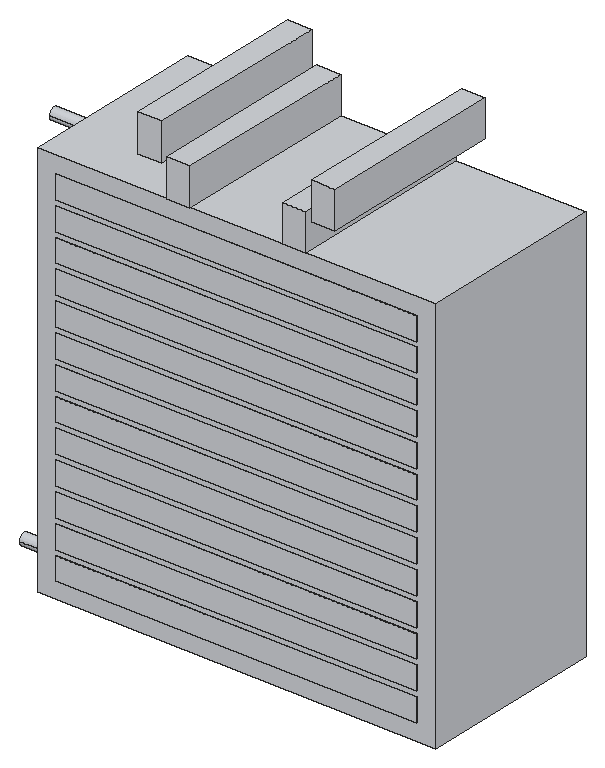
Revit family "Mark Tanner MDA verwarmer plafondmontage", category Mechanical Equipment, Revit 2015
Parameters
  zichtbaar_02 [instance] = horizontaal uitblazen  # yes
  zichtbaar_01 [instance] = not(horizontaal uitblazen)  # no
  voltage = 0 V
  vermogen = 0 W
  schijnbaar_vermogen = voltage * nominale stroom  # 0 VA
  o2 [instance] = if(hoek = 90.00°, 813 mm, 145 mm + h1 / 2)  # 575 mm
  o1 = 660 mm
  nominale stroom = 0 A
  lengte = l1  # 860 mm
  l3 = l1 + 100 mm  # 960 mm
  l2 = 450 mm
  l1 = h1  # 860 mm
  horizontaal uitblazen [instance] = yes
  hoogte = h1  # 860 mm
  hoek [instance] = if(horizontaal uitblazen, 0.00°, 90.00°)  # 0.00°
  h1 = 860 mm
  gewicht = ""
  elektrisch_vermogen = 0 W
  debiet = 0.0 L/s
  con 1_RN = con 1_DN / 2  # 12.5 mm
  con 1_DN = 25 mm
  breedte = b1  # 405 mm
  b2 = b1 - 80 mm  # 325 mm
  b1 = 405 mm
  artikelnummer = ""
  aantal_polen = 1
  URL = "http://www.mark.nl/producten/"
  Type Comments = "MDA 121, 2 rijige wisselaar, 1 fase 230V fan, ,waterzijdige aansluiting 1"
  Model = "MDA 100"
  Manufacturer = "Mark"  # constant formula
Reference planes
  plane 1 "Center (Front/Back)": y = 0
  plane 2: z = 0
  plane 3 "Center (Left/Right)": x = 0
  plane 4: x = -430
  plane 5: x = 430
  plane 6: z = -575
Lines and regions (mm)
  reference lines
    curve 1: line (0, 0, -575) -> (0, 660, -575)
Dimensions and locks
  "l1": plane 4 to plane 5
  equal spacing: plane 4, plane 3 "Center (Left/Right)", plane 5
  "o2": plane 2 to plane 6
  "o1": curve 1 to curve 1
  "hoek": angle curve 1 to plane 6
  aligned and locked: level to plane 2
  aligned and locked: plane 6 to curve 1
  aligned and locked: plane 1 "Center (Front/Back)" to curve 1
  aligned and locked: plane 1 "Center (Front/Back)" to nested 2
  aligned and locked: nested 1 to plane 1 "Center (Front/Back)"
  aligned and locked: nested 3 to curve 1
Nested families
  nested 1: "Plafond console met trillingsreduceerset" at (0, 0, 0) x (0, 1, 0) z (0, 0, 1), b1 <- "b2", l1 <- "l3", visible <- "zichtbaar_01", type "trillingsreduceerset"
    with l1 960 mm, b1 325 mm
  nested 2: "Plafond console" at (0, 202.5, 0) x (0, 1, 0) z (0, 0, 1), b1 <- "b2", l1 <- "b1", visible <- "zichtbaar_02", type "plafond console"
    with l1 405 mm, b1 325 mm
  nested 3: "Verwarmer" at (0, 202.5, -145), b1 <- "b1", h1 <- "h1", l1 <- "l1", r1 <- "con 1_RN", type "MDA 100"
    with r1 12.5 mm, l1 860 mm, h1 860 mm, b1 405 mm, b 780 mm, aantal 13, a 790 mm
Connectors
  electrical at (0, 202.5, -145), driven by "aantal_polen", driven by "voltage", driven by "schijnbaar_vermogen"
    settings: on nested 3, index 1, voltage 0 V, apparent load 0 VA, apparent load phase1 0 VA, apparent load phase2 0 VA, apparent load phase3 0 VA, power factor 1, load classification "Other", number of poles 1, system type 31, power factor state 1, is connector primary yes, connector utility no, sub classification motor no, connector description ""
  piping at (-522, 160, -181), diameter 25, driven by "con 1_DN"
    settings: on nested 3, index 2, connector inside diameter 609.6 mm, connector length 0 mm, flow factor 0, pipe flow 0.0 L/s, pressure drop 0.0 Pa, fitting loss kfactor 0, connector angle 0.00°, fixture units 0, engagement length 0 mm, angle of deflection 0.00°, flow configuration 0, flow direction 2, fitting loss method 0, system type 8, joint type 0, gender type 0, connector reference index -1, connector utility 0, adjustable connector no, is connector primary yes, connector description "retour"
  piping at (-522, 80, -969), diameter 25, driven by "con 1_DN"
    settings: on nested 3, index 3, connector inside diameter 609.6 mm, connector length 0 mm, flow factor 0, pipe flow 0.0 L/s, pressure drop 0.0 Pa, fitting loss kfactor 0, connector angle 0.00°, fixture units 0, engagement length 0 mm, angle of deflection 0.00°, flow configuration 0, flow direction 1, fitting loss method 0, system type 7, joint type 0, gender type 0, connector reference index -1, connector utility 0, adjustable connector no, is connector primary no, connector description ""
Definition of nested family "Plafond console met trillingsreduceerset"
  Parameters (values of type "trillingsreduceerset")
    l1 [instance] = 450 mm
    b1 [instance] = 300 mm
    artikelnummer = "5064051"  # constant formula
    URL = "http://www.mark.nl/producten/"
    Manufacturer = "Mark"  # constant formula
    Description = "plafond console"  # constant formula
  Reference planes
    plane 1 "Center (Front/Back)": y = 0
    plane 2: z = 0
    plane 3 "Center (Left/Right)": x = 0
    plane 4: x = -225
    plane 5: x = 225
    plane 6: y = 150
    plane 7: y = -150
    plane 8: z = -813
    plane 9: z = -813
  Forms (mm)
    Sweep 1, solid
      path origin (0, 0, 0) x (1, 0, 0) y (0, 0, 1)
        loop
          line (-225, -813) -> (-225, 0) -> (225, 0) -> (225, -813)
      profile origin (-225, 0, -406.5) x (-1, 0, 0) y (0, -1, 0)
        loop
          line (0, 150) -> (0, 200) -> (-50, 200) -> (-50, 150) -> (0, 150)
    Sweep 2, solid
      path origin (0, 0, 0) x (1, 0, 0) y (0, 0, 1)
        loop
          line (225, -813) -> (225, 0) -> (-225, 0) -> (-225, -813)
      profile origin (225, 0, -406.5) x (-1, 0, 0) y (0, -1, 0)
        loop
          line (0, -150) -> (0, -200) -> (50, -200) -> (50, -150) -> (0, -150)
  Dimensions and locks
    equal spacing: plane 4, plane 3 "Center (Left/Right)", plane 5
    "l1": plane 4 to plane 5
    equal spacing: plane 7, plane 1 "Center (Front/Back)", plane 6
    "b1": plane 6 to plane 7
    plane 2 to plane 8 = 813 mm
    plane 9 to plane 2 = 813 mm
    aligned and locked: level to plane 2
    aligned and locked: Sweep 1 sketch curve to plane 4
    aligned and locked: Sweep 1 sketch curve to plane 2
    aligned and locked: plane 5 to Sweep 1 sketch curve
    aligned and locked: plane 8 to Sweep 1 sketch curve  (x2)
    aligned and locked: Sweep 2 sketch curve to plane 5
    aligned and locked: plane 4 to Sweep 2 sketch curve
    aligned and locked: Sweep 2 sketch curve to plane 2
    aligned and locked: plane 9 to Sweep 2 sketch curve  (x2)
    aligned and locked: plane 6 to Sweep 2
    aligned and locked: plane 7 to Sweep 1
  Automatic sketch dimensions
    Sweep 1 sketch curve to profile plane = 0 mm
    profile plane to Sweep 1 sketch curve = 50 mm
    plane 1 "Center (Front/Back)" to Sweep 1 sketch curve = 150 mm
    Sweep 1 sketch curve to Sweep 1 sketch curve = 50 mm
    Sweep 2 sketch curve to profile plane = 0 mm
    Sweep 2 sketch curve to profile plane = 50 mm
    Sweep 2 sketch curve to plane 1 "Center (Front/Back)" = 200 mm
    Sweep 2 sketch curve to Sweep 2 sketch curve = 50 mm
Definition of nested family "Plafond console"
  Parameters (values of type "trillingsreduceerset")
    l1 [instance] = 450 mm
    b1 [instance] = 300 mm
    artikelnummer = "5064051"  # constant formula
    URL = "http://www.mark.nl/producten/"
    Manufacturer = "Mark"  # constant formula
    Description = "plafond console"  # constant formula
  Reference planes
    plane 1 "Center (Front/Back)": y = 0
    plane 2: z = 0
    plane 3 "Center (Left/Right)": x = 0
    plane 4: x = -225
    plane 5: x = 225
    plane 6: y = 150
    plane 7: y = -150
    plane 8: z = -813
    plane 9: z = -813
    plane 10: z = -878
    plane 11: z = -878
  Forms (mm)
    Sweep 1, solid
      path origin (0, 0, 0) x (1, 0, 0) y (0, 0, 1)
        loop
          line (-225, 0) -> (225, 0)
      profile origin (0, 0, 0) x (0, 0, 1) y (0, -1, 0)
        loop
          line (0, 150) -> (0, 200) -> (-80, 200) -> (-80, 150) -> (0, 150)
    Sweep 2, solid
      path origin (0, 0, 0) x (1, 0, 0) y (0, 0, 1)
        loop
          line (225, 0) -> (-225, 0)
      profile origin (0, 0, 0) x (0, 0, -1) y (0, -1, 0)
        loop
          line (0, -150) -> (0, -200) -> (80, -200) -> (80, -150) -> (0, -150)
    Sweep 3, solid
      path origin (0, -125, -65) x (1, 0, 0) y (0, 0, 1)
        loop
          line (225, 0) -> (-225, 0)
      profile origin (0, -125, -65) x (0, 0, -1) y (0, -1, 0)
        loop
          line (0, -225) -> (0, -275) -> (80, -275) -> (80, -225) -> (0, -225)
    Sweep 4, solid
      path origin (0, 125, -65) x (1, 0, 0) y (0, 0, 1)
        loop
          line (-225, 0) -> (225, 0)
      profile origin (0, 125, -65) x (0, 0, 1) y (0, -1, 0)
        loop
          line (0, 225) -> (0, 275) -> (-80, 275) -> (-80, 225) -> (0, 225)
  Dimensions and locks
    equal spacing: plane 4, plane 3 "Center (Left/Right)", plane 5
    "l1": plane 4 to plane 5
    equal spacing: plane 7, plane 1 "Center (Front/Back)", plane 6
    "b1": plane 6 to plane 7
    plane 2 to plane 8 = 813 mm
    plane 9 to plane 2 = 813 mm
    aligned and locked: level to plane 2
    aligned and locked: Sweep 1 sketch curve to plane 2
    aligned and locked: Sweep 2 sketch curve to plane 2
    aligned and locked: plane 6 to Sweep 2
    aligned and locked: Sweep 3 to Sweep 2
    aligned and locked: plane 7 to Sweep 1
    aligned and locked: Sweep 4 to Sweep 1
  Automatic sketch dimensions
    Sweep 1 sketch curve to plane 4 = 0 mm
    plane 5 to Sweep 1 sketch curve = 0 mm
    profile plane to Sweep 1 sketch curve = 0 mm
    profile plane to Sweep 1 sketch curve = 80 mm
    plane 1 "Center (Front/Back)" to Sweep 1 sketch curve = 150 mm
    Sweep 1 sketch curve to Sweep 1 sketch curve = 50 mm
    Sweep 2 sketch curve to plane 4 = 0 mm
    plane 5 to Sweep 2 sketch curve = 0 mm
    Sweep 2 sketch curve to profile plane = 0 mm
    Sweep 2 sketch curve to profile plane = 80 mm
    Sweep 2 sketch curve to plane 1 "Center (Front/Back)" = 200 mm
    Sweep 2 sketch curve to Sweep 2 sketch curve = 50 mm
    Sweep 3 sketch curve to level = 65 mm
    Sweep 3 sketch curve to plane 4 = 0 mm
    plane 5 to Sweep 3 sketch curve = 0 mm
    Sweep 3 sketch curve to profile plane = 0 mm
    Sweep 3 sketch curve to profile plane = 80 mm
    Sweep 3 sketch curve to profile plane = 275 mm
    Sweep 3 sketch curve to Sweep 3 sketch curve = 50 mm
    Sweep 4 sketch curve to level = 65 mm
    Sweep 4 sketch curve to plane 4 = 0 mm
    plane 5 to Sweep 4 sketch curve = 0 mm
    profile plane to Sweep 4 sketch curve = 0 mm
    profile plane to Sweep 4 sketch curve = 80 mm
    profile plane to Sweep 4 sketch curve = 225 mm
    Sweep 4 sketch curve to Sweep 4 sketch curve = 50 mm
Definition of nested family "Verwarmer"
  Parameters (values of type "MDA 100")
    r1 [instance] = 12.5 mm
    l1 [instance] = 860 mm
    h1 [instance] = 860 mm
    b1 [instance] = 405 mm
    b [instance] = l1 - 80 mm  # 780 mm
    aantal [instance] = a / 60 mm  # 13
    a [instance] = h1 - 70 mm  # 790 mm
    Default Elevation = 1219.2 mm
  Reference planes
    plane 1 "Center (Front/Back)": y = 0
    plane 2: z = 0
    plane 3 "Center (Left/Right)": x = 0
    plane 4: x = -430
    plane 5: x = 430
    plane 6: x = -390
    plane 7: x = 390
    plane 8: y = 202.5
    plane 9: y = -202.5
    plane 10: y = -42.5
    plane 11: y = -122.5
    plane 12: z = -860
    plane 13: z = -36
    plane 14: z = -824
    plane 15: z = -430
  Forms (mm)
    Extrusion 1, solid
      sketch origin (0, 0, 0) x (1, 0, 0) y (0, 1, 0)
        loop
          line (-430, 202.5) -> (-430, -202.5) -> (430, -202.5) -> (430, 202.5) -> (-430, 202.5)
      from 0 to -860
    Sweep 2, solid
      path origin (1317.187, -1524, -36) x (0, -1, 0) y (1, 0, 0)
        loop
          line (-1401.5, -1747.187) -> (-1401.5, -1839.187)
      profile origin (-476, -122.5, -36) x (0, -1, 0) y (0, 0, 1)
        loop
          circle (0, -788) r 12.5
    Sweep 3, solid
      path origin (0, 0, 0) x (1, 0, 0) y (0, 1, 0)
        loop
          line (-522, -30) -> (-430, -30)
      profile origin (-476, -30, 0) x (0, 1, 0) y (0, 0, 1)
        loop
          circle (-12.5, -36) r 12.5
  Dimensions and locks
    equal spacing: plane 4, plane 3 "Center (Left/Right)", plane 5
    "l1": plane 4 to plane 5
    equal spacing: plane 6, plane 3 "Center (Left/Right)", plane 7
    "b1": plane 8 to plane 9
    equal spacing: plane 8, plane 1 "Center (Front/Back)", plane 9
    locked: plane 9 to plane 11 at 80
    locked: plane 10 to plane 9 at 160
    equal spacing: plane 2, plane 15, plane 12
    "h1": plane 2 to plane 12
    locked: plane 14 to plane 12 at 36
    locked: plane 2 to plane 13 at 36
    plane 13 to plane 14 = 788 mm
    equal spacing: plane 7, plane 3 "Center (Left/Right)", plane 6
    "b": plane 6 to plane 7
    equal spacing: group 1, group 3, group 4, group 5, group 6, group 7, group 8, group 9, group 10, group 11, group 12, group 13, group 2  (x2)
    equal spacing: group 2, group 13, group 12, group 11, group 10, group 9, group 8, group 7, group 6, group 5, group 4, group 3, group 1
    "r1": radius of Sweep 2 sketch curve
    "r1": radius of Sweep 3 sketch curve
    aligned and locked: level to plane 2
    aligned and locked: Extrusion 1 sketch curve to plane 8
    aligned and locked: plane 4 to Extrusion 1 sketch curve
    aligned and locked: plane 5 to Extrusion 1 sketch curve
    aligned and locked: plane 9 to Extrusion 1 sketch curve
    aligned and locked: Extrusion 1 to plane 12
    aligned and locked: plane 4 to Sweep 2 sketch curve
    aligned and locked: Sweep 2 sketch curve to plane 11  (x2)
    aligned and locked: plane 14 to Sweep 2 sketch curve
    aligned and locked: plane 4 to Sweep 3 sketch curve
    aligned and locked: plane 13 to Sweep 3 sketch curve
    aligned and locked: plane 10 to Sweep 3 sketch curve
    aligned and locked: plane 3 "Center (Left/Right)" to nested 1
    aligned and locked: nested 1 to plane 9
    aligned and locked: nested 2 to plane 14
    aligned and locked: nested 2 to plane 9
  Automatic sketch dimensions
    Sweep 2 sketch curve to Sweep 2 sketch curve = 92 mm
    Sweep 3 sketch curve to plane 4 = 92 mm
    plane 1 "Center (Front/Back)" to Sweep 3 sketch curve = 30 mm
  Nested families
    nested 1: "Family5" at (0, -202.5, -36), a <- "b", type "Family5"
      with a 780 mm
    nested 2: "Family5" at (0, -202.5, -774), a <- "b", type "Family5"
      with a 780 mm
    nested 3: "Family5" at (0, -202.5, -97.5), a <- "b", type "Family5"
      with a 780 mm
    nested 4: "Family5" at (0, -202.5, -159), a <- "b", type "Family5"
      with a 780 mm
    nested 5: "Family5" at (0, -202.5, -220.5), a <- "b", type "Family5"
      with a 780 mm
    nested 6: "Family5" at (0, -202.5, -282), a <- "b", type "Family5"
      with a 780 mm
    nested 7: "Family5" at (0, -202.5, -343.5), a <- "b", type "Family5"
      with a 780 mm
    nested 8: "Family5" at (0, -202.5, -405), a <- "b", type "Family5"
      with a 780 mm
    nested 9: "Family5" at (0, -202.5, -466.5), a <- "b", type "Family5"
      with a 780 mm
    nested 10: "Family5" at (0, -202.5, -528), a <- "b", type "Family5"
      with a 780 mm
    nested 11: "Family5" at (0, -202.5, -589.5), a <- "b", type "Family5"
      with a 780 mm
    nested 12: "Family5" at (0, -202.5, -651), a <- "b", type "Family5"
      with a 780 mm
    nested 13: "Family5" at (0, -202.5, -712.5), a <- "b", type "Family5"
      with a 780 mm
  Definition of nested family "Family5"
    Parameters (values of type "Family5")
      a [instance] = 752.12 mm
    Reference planes
      plane 1 "Center (Front/Back)": y = 0
      plane 2: z = 0
      plane 3 "Center (Left/Right)": x = 0
    Forms (mm)
      Extrusion 1, solid
        sketch origin (0, 0, 0) x (1, 0, 0) y (0, 1, 0)
          loop
            line (-376.06, 1.5) -> (-376.06, -1.5) -> (376.06, -1.5) -> (376.06, 1.5) -> (-376.06, 1.5)
        from -50 to 0
    Dimensions and locks
      equal spacing: Extrusion 1 sketch curve, plane 3 "Center (Left/Right)", Extrusion 1 sketch curve
      "a": Extrusion 1 sketch curve to Extrusion 1 sketch curve
      aligned and locked: level to plane 2
    Automatic sketch dimensions
      plane 1 "Center (Front/Back)" to Extrusion 1 sketch curve = 1.5 mm
      Extrusion 1 sketch curve to plane 1 "Center (Front/Back)" = 1.5 mm
Types in the file's own list only (42): name | voltage | vermogen | schijnbaar_vermogen | nominale stroom | lengte | l3 | l2 | l1 | hoogte | h1 | gewicht | elektrisch_vermogen | debiet | con 1_RN | con 1_DN | breedte | b2 | b1 | artikelnummer | aantal_polen | URL | Type Comments | Model
  Tanner MDA 121L | 230 V | 14500 W | 108 VA | 0 A | 450 mm | 550 mm | 387 mm | 450 mm | 450 mm | 450 mm | "22" | 90 W | 1595.0 L/s | 13 mm | 25 mm | 380 mm | 300 mm | 380 mm | "MDA 121L" | 1 | "http://www.mark.nl/luchtverwarming/watergevoed/tanner-mda/" | "MDA 121 ( 2 rijige wisselaar 1 fase 230 V fan waterzijdige aansluiting 1  laag toerental )" | "MDA 100"
  Tanner MDA 131L | 230 V | 17000 W | 108 VA | 0 A | 450 mm | 550 mm | 387 mm | 450 mm | 450 mm | 450 mm | "23" | 90 W | 1446.0 L/s | 13 mm | 25 mm | 380 mm | 300 mm | 380 mm | "MDA 131L" | 1 | "http://www.mark.nl/luchtverwarming/watergevoed/tanner-mda/" | "MDA 131 ( 3 rijige wisselaar  1 fase 230 V fan waterzijdige aansluiting 1 laag toerental)" | "MDA 100"
  Tanner MDA 141L | 230 V | 19000 W | 108 VA | 0 A | 450 mm | 550 mm | 387 mm | 450 mm | 450 mm | 450 mm | "24" | 90 W | 1265.0 L/s | 13 mm | 25 mm | 380 mm | 300 mm | 380 mm | "MDA 141L" | 1 | "http://www.mark.nl/luchtverwarming/watergevoed/tanner-mda/" | "MDA 131 ( 4 rijige wisselaar  1 fase 230 V fan waterzijdige aansluiting 1 laag toerental)" | "MDA 100"
  Tanner MDA 211L | 230 V | 14100 W | 117 VA | 1 A | 580 mm | 680 mm | 517 mm | 580 mm | 580 mm | 580 mm | "30" | 120 W | 2805.0 L/s | 13 mm | 25 mm | 385 mm | 305 mm | 385 mm | "MDA 211L" | 1 | "http://www.mark.nl/luchtverwarming/watergevoed/tanner-mda/" | "MDA 211 ( 1 rijige wisselaar  1 fase 230 V fanwaterzijdige aansluiting 1 laag toerental)" | "MDA 200"
  Tanner MDA 221L | 230 V | 25100 W | 117 VA | 1 A | 580 mm | 680 mm | 517 mm | 580 mm | 580 mm | 580 mm | "32" | 120 W | 2656.0 L/s | 13 mm | 25 mm | 385 mm | 305 mm | 385 mm | "MDA 221L" | 1 | "http://www.mark.nl/luchtverwarming/watergevoed/tanner-mda/" | "MDA 221 ( 2 rijige wisselaar  1 fase 230 V fan waterzijdige aansluiting 1 laag toerental)" | "MDA 200"
  Tanner MDA 231L | 230 V | 30800 W | 117 VA | 1 A | 580 mm | 680 mm | 517 mm | 580 mm | 580 mm | 580 mm | "34" | 120 W | 2381.0 L/s | 13 mm | 25 mm | 385 mm | 305 mm | 385 mm | "MDA 231L" | 1 | "http://www.mark.nl/luchtverwarming/watergevoed/tanner-mda/" | "MDA 231 ( 3 rijige wisselaar  1 fase 230 V fan waterzijdige aansluiting 1 laag toerental)" | "MDA 200"
  Tanner MDA 241L | 230 V | 33300 W | 117 VA | 1 A | 580 mm | 680 mm | 517 mm | 580 mm | 580 mm | 580 mm | "36" | 120 W | 2230.0 L/s | 13 mm | 25 mm | 385 mm | 305 mm | 385 mm | "MDA 241L" | 1 | "http://www.mark.nl/luchtverwarming/watergevoed/tanner-mda/" | "MDA 241 ( 4 rijige wisselaar  1 fase 230 V fan waterzijdige aansluiting 1 laag toerental)" | "MDA 200"
  Tanner MDA 321L | 230 V | 52700 W | 391 VA | 2 A | 730 mm | 830 mm | 667 mm | 730 mm | 730 mm | 730 mm | "43" | 330 W | 6495.0 L/s | 13 mm | 25 mm | 385 mm | 305 mm | 385 mm | "MDA 321L" | 1 | "http://www.mark.nl/luchtverwarming/watergevoed/tanner-mda/" | "MDA 321 ( 2 rijige wisselaar  1 fase 230 V fan waterzijdige aansluiting 1 laag toerental)" | "MDA 300"
  Tanner MDA 331L | 230 V | 65900 W | 391 VA | 2 A | 730 mm | 830 mm | 667 mm | 730 mm | 730 mm | 730 mm | "46" | 330 W | 5857.0 L/s | 16 mm | 32 mm | 385 mm | 305 mm | 385 mm | "MDA 331L" | 1 | "http://www.mark.nl/luchtverwarming/watergevoed/tanner-mda/" | "MDA 331 ( 3 rijige wisselaar  1 fase 230 V fan waterzijdige aansluiting 11/4 laag toerental)" | "MDA 300"
  Tanner MDA 341L | 230 V | 72100 W | 391 VA | 2 A | 730 mm | 830 mm | 667 mm | 730 mm | 730 mm | 730 mm | "49" | 330 W | 5423.0 L/s | 16 mm | 32 mm | 385 mm | 305 mm | 385 mm | "MDA 341L" | 1 | "http://www.mark.nl/luchtverwarming/watergevoed/tanner-mda/" | "MDA 341 ( 4 rijige wisselaar  1 fase 230 V fan waterzijdige aansluiting 11/4 laag toerental)" | "MDA 300"
  Tanner MDA 411L | 230 V | 42500 W | 598 VA | 3 A | 860 mm | 960 mm | 667 mm | 860 mm | 860 mm | 860 mm | "51" | 550 W | 10320.0 L/s | 16 mm | 32 mm | 405 mm | 325 mm | 405 mm | "MDA 411L" | 1 | "http://www.mark.nl/luchtverwarming/watergevoed/tanner-mda/" | "MDA 411 ( 1 rijige wisselaar  1 fase 230 V fanwaterzijdige aansluiting 11/4 laag toerental)" | "MDA 400"
  Tanner MDA 421L | 230 V | 80000 W | 598 VA | 3 A | 860 mm | 960 mm | 667 mm | 860 mm | 860 mm | 860 mm | "55" | 550 W | 9933.0 L/s | 16 mm | 32 mm | 405 mm | 325 mm | 405 mm | "MDA 421L" | 1 | "http://www.mark.nl/luchtverwarming/watergevoed/tanner-mda/" | "MDA 421 ( 2 rijige wisselaar  1 fase 230 V fanwaterzijdige aansluiting 11/4 laag toerental)" | "MDA 400"
  Tanner MDA 431L | 230 V | 101000 W | 598 VA | 3 A | 860 mm | 960 mm | 667 mm | 860 mm | 860 mm | 860 mm | "59" | 550 W | 8816.0 L/s | 20 mm | 40 mm | 405 mm | 325 mm | 405 mm | "MDA 431L" | 1 | "http://www.mark.nl/luchtverwarming/watergevoed/tanner-mda/" | "MDA 431 ( 3 rijige wisselaar  1 fase 230 V fanwaterzijdige aansluiting 11/2 laag toerental)" | "MDA 400"
  Tanner MDA 441L | 230 V | 110000 W | 598 VA | 3 A | 860 mm | 960 mm | 667 mm | 860 mm | 860 mm | 860 mm | "63" | 550 W | 8217.0 L/s | 20 mm | 40 mm | 405 mm | 325 mm | 405 mm | "MDA 441L" | 1 | "http://www.mark.nl/luchtverwarming/watergevoed/tanner-mda/" | "MDA 441 ( 4 rijige wisselaar  1 fase 230 V fanwaterzijdige aansluiting 11/2 laag toerental)" | "MDA 400"
  Tanner MDA 121H | 230 V | 18000 W | 154 VA | 1 A | 450 mm | 550 mm | 387 mm | 450 mm | 450 mm | 450 mm | "22" | 150 W | 2365.0 L/s | 13 mm | 25 mm | 380 mm | 300 mm | 380 mm | "MDA 121H" | 1 | "http://www.mark.nl/luchtverwarming/watergevoed/tanner-mda/" | "MDA 121 ( 2 rijige wisselaar  1 fase 230 V fan waterzijdige aansluiting 1 hoog toerental)" | "MDA 100"
  Tanner MDA 131H | 230 V | 22100 W | 154 VA | 1 A | 450 mm | 550 mm | 387 mm | 450 mm | 450 mm | 450 mm | "23" | 150 W | 2244.0 L/s | 13 mm | 25 mm | 380 mm | 300 mm | 380 mm | "MDA 131H" | 1 | "http://www.mark.nl/luchtverwarming/watergevoed/tanner-mda/" | "MDA 131 ( 3 rijige wisselaar  1 fase 230 V fan waterzijdige aansluiting 1 hoog toerental)" | "MDA 100"
  Tanner MDA 141H | 230 V | 25100 W | 154 VA | 1 A | 450 mm | 550 mm | 387 mm | 450 mm | 450 mm | 450 mm | "24" | 150 W | 1914.0 L/s | 13 mm | 25 mm | 380 mm | 300 mm | 380 mm | "MDA 141H" | 1 | "http://www.mark.nl/luchtverwarming/watergevoed/tanner-mda/" | "MDA 131 ( 4 rijige wisselaar  1 fase 230 V fan waterzijdige aansluiting 1 hoog toerental)" | "MDA 100"
  Tanner MDA 211H | 230 V | 17200 W | 311 VA | 1 A | 580 mm | 680 mm | 517 mm | 580 mm | 580 mm | 580 mm | "30" | 280 W | 4450.0 L/s | 13 mm | 25 mm | 385 mm | 305 mm | 385 mm | "MDA 211H" | 1 | "http://www.mark.nl/luchtverwarming/watergevoed/tanner-mda/" | "MDA 211 ( 1 rijige wisselaar  1 fase 230 V fan waterzijdige aansluiting 1 hoog toerental)" | "MDA 200"
  Tanner MDA 221H | 230 V | 32400 W | 311 VA | 1 A | 580 mm | 680 mm | 517 mm | 580 mm | 580 mm | 580 mm | "32" | 280 W | 4202.0 L/s | 13 mm | 25 mm | 385 mm | 305 mm | 385 mm | "MDA 221H" | 1 | "http://www.mark.nl/luchtverwarming/watergevoed/tanner-mda/" | "MDA 221 ( 2 rijige wisselaar  1 fase 230 V fan waterzijdige aansluiting 1 hoog toerental)" | "MDA 200"
  Tanner MDA 231H | 230 V | 42000 W | 311 VA | 1 A | 580 mm | 680 mm | 517 mm | 580 mm | 580 mm | 580 mm | "34" | 280 W | 3932.0 L/s | 13 mm | 25 mm | 385 mm | 305 mm | 385 mm | "MDA 231H" | 1 | "http://www.mark.nl/luchtverwarming/watergevoed/tanner-mda/" | "MDA 231 ( 3 rijige wisselaar  1 fase 230 V fan waterzijdige aansluiting 1 hoog toerental)" | "MDA 200"
  Tanner MDA 241H | 230 V | 46600 W | 311 VA | 1 A | 580 mm | 680 mm | 517 mm | 580 mm | 580 mm | 580 mm | "34" | 280 W | 3734.0 L/s | 13 mm | 25 mm | 385 mm | 305 mm | 385 mm | "MDA 241H" | 1 | "http://www.mark.nl/luchtverwarming/watergevoed/tanner-mda/" | "MDA 241 ( 4 rijige wisselaar  1 fase 230 V fan waterzijdige aansluiting 1 hoog toerental)" | "MDA 200"
  Tanner MDA 123L | 400 V | 14500 W | 40 VA | 0 A | 450 mm | 550 mm | 387 mm | 450 mm | 450 mm | 450 mm | "22" | 50 W | 1595.0 L/s | 13 mm | 25 mm | 380 mm | 300 mm | 380 mm | "MDA 123L" | 3 | "http://www.mark.nl/luchtverwarming/watergevoed/tanner-mda/" | "MDA 123 ( 2 rijige wisselaar  3 fase 400 V fan waterzijdige aansluiting 1 laag toerental)" | "MDA 100"
  Tanner MDA 133L | 400 V | 17000 W | 40 VA | 0 A | 450 mm | 550 mm | 387 mm | 450 mm | 450 mm | 450 mm | "23" | 50 W | 1446.0 L/s | 13 mm | 25 mm | 380 mm | 300 mm | 380 mm | "MDA 133L" | 3 | "http://www.mark.nl/luchtverwarming/watergevoed/tanner-mda/" | "MDA 133 ( 3 rijige wisselaar  3 fase 400 V fan waterzijdige aansluiting 1 laag toerental)" | "MDA 100"
  Tanner MDA 143L | 400 V | 19000 W | 40 VA | 0 A | 450 mm | 550 mm | 387 mm | 450 mm | 450 mm | 450 mm | "24" | 50 W | 1265.0 L/s | 13 mm | 25 mm | 380 mm | 300 mm | 380 mm | "MDA 143L" | 3 | "http://www.mark.nl/luchtverwarming/watergevoed/tanner-mda/" | "MDA 133 ( 4 rijige wisselaar  3 fase 400 V fan waterzijdige aansluiting 1 laag toerental)" | "MDA 100"
  Tanner MDA 213L | 400 V | 14800 W | 120 VA | 0 A | 580 mm | 680 mm | 517 mm | 580 mm | 580 mm | 580 mm | "30" | 120 W | 3050.0 L/s | 13 mm | 25 mm | 385 mm | 305 mm | 385 mm | "MDA 213L" | 3 | "http://www.mark.nl/luchtverwarming/watergevoed/tanner-mda/" | "MDA 213 ( 1 rijige wisselaar  3 fase 400 V fan waterzijdige aansluiting 1 laag toerental)" | "MDA 200"
  Tanner MDA 223L | 400 V | 26200 W | 120 VA | 0 A | 580 mm | 680 mm | 517 mm | 580 mm | 580 mm | 580 mm | "32" | 120 W | 2865.0 L/s | 13 mm | 25 mm | 385 mm | 305 mm | 385 mm | "MDA 223L" | 3 | "http://www.mark.nl/luchtverwarming/watergevoed/tanner-mda/" | "MDA 223 ( 2 rijige wisselaar  3 fase 400 V fan waterzijdige aansluiting 1 laag toerental)" | "MDA 200"
  Tanner MDA 233L | 400 V | 32400 W | 120 VA | 0 A | 580 mm | 680 mm | 517 mm | 580 mm | 580 mm | 580 mm | "34" | 120 W | 2574.0 L/s | 13 mm | 25 mm | 385 mm | 305 mm | 385 mm | "MDA 233L" | 3 | "http://www.mark.nl/luchtverwarming/watergevoed/tanner-mda/" | "MDA 233 ( 3 rijige wisselaar  3 fase 400 V fan waterzijdige aansluiting 1 laag toerental)" | "MDA 200"
  Tanner MDA 243L | 400 V | 35100 W | 120 VA | 0 A | 580 mm | 680 mm | 517 mm | 580 mm | 580 mm | 580 mm | "36" | 120 W | 2414.0 L/s | 13 mm | 25 mm | 385 mm | 305 mm | 385 mm | "MDA 243L" | 3 | "http://www.mark.nl/luchtverwarming/watergevoed/tanner-mda/" | "MDA 243 ( 4 rijige wisselaar  3 fase 400 V fan waterzijdige aansluiting 1 laag toerental)" | "MDA 200"
  Tanner MDA 323L | 400 V | 52700 W | 272 VA | 1 A | 730 mm | 830 mm | 667 mm | 730 mm | 730 mm | 730 mm | "43" | 280 W | 6495.0 L/s | 13 mm | 25 mm | 385 mm | 305 mm | 385 mm | "MDA 323L" | 3 | "http://www.mark.nl/luchtverwarming/watergevoed/tanner-mda/" | "MDA 323 ( 2 rijige wisselaar  3 fase 400 V fan  waterzijdige aansluiting 1 laag toerental)" | "MDA 300"
  Tanner MDA 333L | 400 V | 65900 W | 272 VA | 1 A | 730 mm | 830 mm | 667 mm | 730 mm | 730 mm | 730 mm | "46" | 280 W | 5857.0 L/s | 16 mm | 32 mm | 385 mm | 305 mm | 385 mm | "MDA 333L" | 3 | "http://www.mark.nl/luchtverwarming/watergevoed/tanner-mda/" | "MDA 333 ( 3 rijige wisselaar  3 fase 400 V fan  waterzijdige aansluiting 11/4 laag toerental)" | "MDA 300"
  Tanner MDA 343L | 400 V | 72100 W | 272 VA | 1 A | 730 mm | 830 mm | 667 mm | 730 mm | 730 mm | 730 mm | "46" | 280 W | 5423.0 L/s | 16 mm | 32 mm | 385 mm | 305 mm | 385 mm | "MDA 343L" | 3 | "http://www.mark.nl/luchtverwarming/watergevoed/tanner-mda/" | "MDA 343 ( 4 rijige wisselaar  3 fase 400 V fan  waterzijdige aansluiting 11/4 laag toerental)" | "MDA 300"
  Tanner MDA 413L | 400 V | 45200 W | 620 VA | 2 A | 860 mm | 960 mm | 667 mm | 860 mm | 860 mm | 860 mm | "52" | 510 W | 11600.0 L/s | 16 mm | 32 mm | 405 mm | 325 mm | 405 mm | "MDA 413L" | 3 | "http://www.mark.nl/luchtverwarming/watergevoed/tanner-mda/" | "MDA 413 ( 1 rijige wisselaar  3 fase 400 V fan  waterzijdige aansluiting 11/4 laag toerental)" | "MDA 400"
  Tanner MDA 423L | 400 V | 84000 W | 400 VA | 1 A | 860 mm | 960 mm | 667 mm | 860 mm | 860 mm | 860 mm | "52" | 510 W | 10868.0 L/s | 16 mm | 32 mm | 405 mm | 325 mm | 405 mm | "MDA 423L" | 3 | "http://www.mark.nl/luchtverwarming/watergevoed/tanner-mda/" | "MDA 423 ( 2 rijige wisselaar  3 fase 400 V fan  waterzijdige aansluiting 11/4 laag toerental)" | "MDA 400"
  Tanner MDA 433L | 400 V | 107000 W | 400 VA | 1 A | 860 mm | 960 mm | 667 mm | 860 mm | 860 mm | 860 mm | "61" | 510 W | 9735.0 L/s | 20 mm | 40 mm | 405 mm | 325 mm | 405 mm | "MDA 433L" | 3 | "http://www.mark.nl/luchtverwarming/watergevoed/tanner-mda/" | "MDA 433 ( 3 rijige wisselaar  3 fase 400 V fan  waterzijdige aansluiting 11/2 laag toerental)" | "MDA 400"
  Tanner MDA 443L | 400 V | 117000 W | 400 VA | 1 A | 860 mm | 960 mm | 667 mm | 860 mm | 860 mm | 860 mm | "64" | 510 W | 9064.0 L/s | 20 mm | 40 mm | 405 mm | 325 mm | 405 mm | "MDA 443L" | 3 | "http://www.mark.nl/luchtverwarming/watergevoed/tanner-mda/" | "MDA 443 ( 4 rijige wisselaar  3 fase 400 V fan  waterzijdige aansluiting 11/2 laag toerental)" | "MDA 400"
  Tanner MDA 123H | 230 V | 18000 W | 58 VA | 0 A | 450 mm | 550 mm | 387 mm | 450 mm | 450 mm | 450 mm | "22" | 150 W | 2365.0 L/s | 13 mm | 25 mm | 380 mm | 300 mm | 380 mm | "MDA 123H" | 1 | "http://www.mark.nl/luchtverwarming/watergevoed/tanner-mda/" | "MDA 123 ( 2 rijige wisselaar  3 fase 400 V fan waterzijdige aansluiting 1 hoog toerental)" | "MDA 100"
  Tanner MDA 133H | 230 V | 22100 W | 58 VA | 0 A | 450 mm | 550 mm | 387 mm | 450 mm | 450 mm | 450 mm | "23" | 150 W | 2244.0 L/s | 13 mm | 25 mm | 380 mm | 300 mm | 380 mm | "MDA 133H" | 1 | "http://www.mark.nl/luchtverwarming/watergevoed/tanner-mda/" | "MDA 133 ( 3 rijige wisselaar  3 fase 400 V fan waterzijdige aansluiting 1 hoog toerental)" | "MDA 100"
  Tanner MDA 143H | 230 V | 25100 W | 58 VA | 0 A | 450 mm | 550 mm | 387 mm | 450 mm | 450 mm | 450 mm | "24" | 150 W | 1914.0 L/s | 13 mm | 25 mm | 380 mm | 300 mm | 380 mm | "MDA 143H" | 1 | "http://www.mark.nl/luchtverwarming/watergevoed/tanner-mda/" | "MDA 133 ( 4 rijige wisselaar  3 fase 400 V fan waterzijdige aansluiting 1 hoog toerental)" | "MDA 100"
  Tanner MDA 213H | 230 V | 17200 W | 154 VA | 1 A | 580 mm | 680 mm | 517 mm | 580 mm | 580 mm | 580 mm | "30" | 280 W | 4450.0 L/s | 13 mm | 25 mm | 385 mm | 305 mm | 385 mm | "MDA 213H" | 1 | "http://www.mark.nl/luchtverwarming/watergevoed/tanner-mda/" | "MDA 213 ( 1 rijige wisselaar  3 fase 400 V fan waterzijdige aansluiting 1 hoog toerental)" | "MDA 200"
  Tanner MDA 223H | 230 V | 32400 W | 154 VA | 1 A | 580 mm | 680 mm | 517 mm | 580 mm | 580 mm | 580 mm | "32" | 280 W | 4202.0 L/s | 13 mm | 25 mm | 385 mm | 305 mm | 385 mm | "MDA 223H" | 1 | "http://www.mark.nl/luchtverwarming/watergevoed/tanner-mda/" | "MDA 223 ( 2 rijige wisselaar  3 fase 400 V fan waterzijdige aansluiting 1 hoog toerental)" | "MDA 200"
  Tanner MDA 233H | 230 V | 42000 W | 154 VA | 1 A | 580 mm | 680 mm | 517 mm | 580 mm | 580 mm | 580 mm | "34" | 280 W | 3932.0 L/s | 13 mm | 25 mm | 385 mm | 305 mm | 385 mm | "MDA 233H" | 1 | "http://www.mark.nl/luchtverwarming/watergevoed/tanner-mda/" | "MDA 233 ( 3 rijige wisselaar  3 fase 400 V fan waterzijdige aansluiting 1 hoog toerental)" | "MDA 200"
  Tanner MDA 243H | 230 V | 46600 W | 154 VA | 1 A | 580 mm | 680 mm | 517 mm | 580 mm | 580 mm | 580 mm | "34" | 280 W | 3734.0 L/s | 13 mm | 25 mm | 385 mm | 305 mm | 385 mm | "MDA 243H" | 1 | "http://www.mark.nl/luchtverwarming/watergevoed/tanner-mda/" | "MDA 243 ( 4 rijige wisselaar  3 fase 400 V fan waterzijdige aansluiting 1 hoog toerental)" | "MDA 200"
